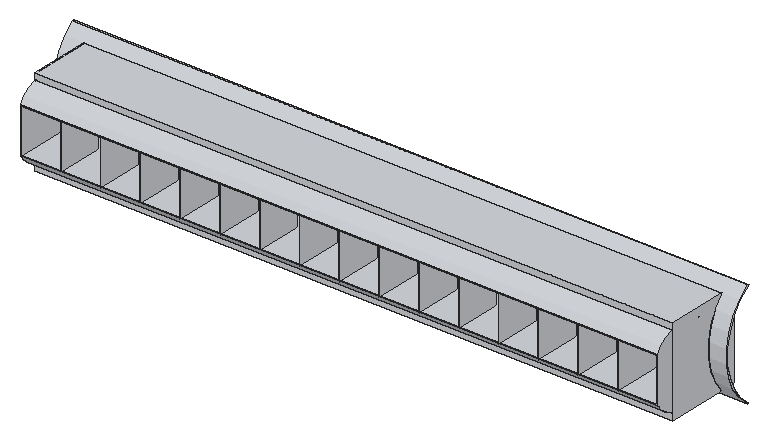
Revit family "ECOJET-06DIA-LENGTH", category Air Terminals, Revit 2018
Family settings
  Round Connector Dimension = Use Diameter
  Part Type = Normal
  Work Plane-Based = No
  Always vertical = Yes
  Cut with Voids When Loaded = No
  Shared = No
  Room Calculation Point = No
Parameters (values of type "ECOJET-48-06D")
  WIDOVER = 0' - 2 3/4"
  URL = "anemostat-hvac.com"
  RADIUS = 0' - 3"
  NORWID = NORMLENGTH - 0' 0 1/16"  # 3' - 11 15/16"
  NORMLENGTH = 4' - 0"
  NORHI = 0' - 6"
  Model = "ECOJET DRUM LOUVER"
  Manufacturer = "Anemostat-HVAC"
  HIOVER = 0' - 2"
  ECOJETBOX = ECBOX-06 : ECBOX-06
  DUCTWID = NORMLENGTH + 0' 1"  # 4' - 1"
  BOXWID = NORWID + WIDOVER  # 4' - 2 11/16"
  BOXHI = NORHI + 0' 1"  # 0' - 7"
  BLADE [instance] = (NORMLENGTH / ADIM) - 1  # 15
  ADIM = 0' - 3"
Types (8): name | NORWID | NORMLENGTH | DUCTWID | BOXWID | BLADE
  (no name) | 3' - 11 15/16" | 4' - 0" | 4' - 1" | 4' - 2 11/16" | 15
  ECOJET-18-06D | 1' - 5 15/16" | 1' - 6" | 1' - 7" | 1' - 8 11/16" | 5
  ECOJET-12-06D | 0' - 11 15/16" | 1' - 0" | 1' - 1" | 1' - 2 11/16" | 3
  ECOJET-09-06D | 0' - 8 15/16" | 0' - 9" | 0' - 10" | 0' - 11 11/16" | 2
  ECOJET-24-06D | 1' - 11 15/16" | 2' - 0" | 2' - 1" | 2' - 2 11/16" | 7
  ECOJET-36-06D | 2' - 11 15/16" | 3' - 0" | 3' - 1" | 3' - 2 11/16" | 11
  ECOJET-48-06D | 3' - 11 15/16" | 4' - 0" | 4' - 1" | 4' - 2 11/16" | 15
  ECOJET-60-06D | 4' - 11 15/16" | 5' - 0" | 5' - 1" | 5' - 2 11/16" | 19
Reference planes (in)
  plane 1 "Center (Front/Back)": y = 0
  plane 2: z = 0
  plane 3 "Center (Left/Right)": x = 0
  plane 4 "REAR": y = 3.5
  plane 5 "RIGHTSIDE": x = 23.96875
  plane 6 "FRONT": y = -3.5
  plane 7 "LEFTSIDE": x = -23.96875
  plane 8: z = 3
  plane 9: z = -3
  plane 10: y = 2.4625
  plane 11: y = -2.4625
  plane 12: z = 1.71875
  plane 13: z = -1.71875
  plane 14: z = 1.6875
  plane 15: x = 23.90625
  plane 16: z = -1.65625
  plane 17: x = -23.90625
  plane 18 "BLADE": x = -20.96875
  plane 19: y = 2.9625
Forms (in)
  Extrusion 1, solid
    sketch origin (23.96875, 0, 0) x (0, 1, 0) y (0, 0, -1)
      loop
        arc (-2.45884, -1.71875) -> (0.0032, -3) -> (2.4625, -1.7135) r 3
        line (2.4625, -1.7135) -> (2.4625, 1.7135)
        arc (2.4625, 1.7135) -> (0.0032, 3) -> (-2.45884, 1.71875) r 3
        line (-2.45884, 1.71875) -> (-2.45884, -1.71875)
    from 0 to 48 <- "NORMLENGTH"
  Extrusion 2, void
    sketch origin (0, -3.5, 0) x (1, 0, 0) y (0, 0, 1)
      loop
        line (-23.90625, 1.6875) -> (-23.90625, -1.65625) -> (23.90625, -1.65625) -> (23.90625, 1.6875) -> (-23.90625, 1.6875)
    from -13.70838 to 12
Cuts and joins
  Extrusion 2 cuts Extrusion 1
Dimensions and locks (in)
  equal spacing: plane 7 "LEFTSIDE", plane 3 "Center (Left/Right)", plane 5 "RIGHTSIDE"
  "NORWID": plane 7 "LEFTSIDE" to plane 5 "RIGHTSIDE"
  equal spacing: plane 4 "REAR", plane 1 "Center (Front/Back)", plane 6 "FRONT"
  "BOXHI": plane 4 "REAR" to plane 6 "FRONT"
  equal spacing: plane 8, level, plane 9
  "NORHI": plane 8 to plane 9
  equal spacing: plane 5 "RIGHTSIDE", plane 3 "Center (Left/Right)", plane 7 "LEFTSIDE"
  locked: plane 1 "Center (Front/Back)" to plane 10 at 2.4625
  locked: plane 13 to level at 1.71875
  plane 12 to level = 0' - 1 23/32"
  locked: plane 11 to plane 1 "Center (Front/Back)" at 2.4625
  locked: plane 15 to plane 5 "RIGHTSIDE" at 0.0625
  plane 12 to plane 14 = 0' - 0 1/32"
  locked: plane 16 to plane 13 at 0.0625
  locked: plane 7 "LEFTSIDE" to plane 17 at 0.0625
  "ADIM": plane 18 "BLADE" to plane 7 "LEFTSIDE"
  equal spacing: group 3, group 4, group 5, group 6, group 7  (x3)
  locked: plane 19 to plane 4 "REAR" at 0.5375
  equal spacing: group 1, group 10, group 11, group 12, group 13, group 14, group 15, group 16, group 17, group 18, group 19, group 20, group 21, group 22, group 23  (x3)
  "ADIM": nested 10 to plane 18 "BLADE"
  aligned and locked: plane 2 to level
  aligned and locked: Extrusion 2 sketch curve to plane 14
  aligned and locked: plane 17 to Extrusion 2 sketch curve
  aligned and locked: Extrusion 2 sketch curve to plane 16
  aligned and locked: Extrusion 2 sketch curve to plane 15
  aligned and locked: plane 18 "BLADE" to nested 1
  aligned and locked: nested 1 to plane 11
  aligned and locked: plane 3 "Center (Left/Right)" to nested 8
  aligned and locked: nested 8 to plane 1 "Center (Front/Back)"
Automatic sketch dimensions
  Extrusion 1 sketch curve to Extrusion 1 sketch curve = 0' - 0"  (x2)
  plane 11 to Extrusion 1 sketch curve = 0' - 0.00366"
  Extrusion 1 sketch curve to plane 12 = 0' - 0"
  plane 13 to Extrusion 1 sketch curve = 0' - 0"
  Extrusion 1 sketch curve to level = 0' - 0"
  Extrusion 1 sketch curve to plane 1 "Center (Front/Back)" = 0' - 0"
  Extrusion 1 sketch curve to plane 10 = 0' - 0"
Nested families (in)
  nested 1: "BLADE-06" at (-20.96875, -0.72812, -1.71875), type "BLADE-06"
  nested 2: "BLADE-06" at (-5.96875, -0.72812, -1.71875), type "BLADE-06", not visible
  nested 3: "BLADE-06" at (-5.96875, -0.72812, -1.71875), type "BLADE-06", not visible
  nested 4: "BLADE-06" at (-2.96875, -0.72812, -1.71875), type "BLADE-06", not visible
  nested 5: "BLADE-06" at (0.03125, -0.72812, -1.71875), type "BLADE-06", not visible
  nested 6: "BLADE-06" at (3.03125, -0.72812, -1.71875), type "BLADE-06", not visible
  nested 7: "BLADE-06" at (6.03125, -0.72812, -1.71875), type "BLADE-06", not visible
  nested 8: "ECBOX-06" at (0, 1.8125, 0), type <- "ECOJETBOX", type "ECBOX-06"
    with NORWID 3' - 11 15/16", MOUNTINGWID 4' - 2 13/16", BOXWID 4' - 2 11/16", BOXLENGTH 4' - 0 1/16"
  nested 9: "BLADE-06" at (9.03125, -0.72812, -1.71875), type "BLADE-06"
  nested 10: "BLADE-06" at (-17.96875, -0.72812, -1.71875), type "BLADE-06"
  nested 11: "BLADE-06" at (-14.96875, -0.72812, -1.71875), type "BLADE-06"
  nested 12: "BLADE-06" at (-11.96875, -0.72812, -1.71875), type "BLADE-06"
  nested 13: "BLADE-06" at (-8.96875, -0.72812, -1.71875), type "BLADE-06"
  nested 14: "BLADE-06" at (-5.96875, -0.72812, -1.71875), type "BLADE-06"
  nested 15: "BLADE-06" at (-2.96875, -0.72812, -1.71875), type "BLADE-06"
  nested 16: "BLADE-06" at (0.03125, -0.72812, -1.71875), type "BLADE-06"
  nested 17: "BLADE-06" at (3.03125, -0.72812, -1.71875), type "BLADE-06"
  nested 18: "BLADE-06" at (6.03125, -0.72812, -1.71875), type "BLADE-06"
  nested 19: "BLADE-06" at (9.03125, -0.72812, -1.71875), type "BLADE-06"
  nested 20: "BLADE-06" at (12.03125, -0.72812, -1.71875), type "BLADE-06"
  nested 21: "BLADE-06" at (15.03125, -0.72812, -1.71875), type "BLADE-06"
  nested 22: "BLADE-06" at (18.03125, -0.72812, -1.71875), type "BLADE-06"
  nested 23: "BLADE-06" at (21.03125, -0.72812, -1.71875), type "BLADE-06"
Connectors (in)
  hvac at (-0.03125, 2.4625, 0), driven by "BOXHI", driven by "NORMLENGTH"
    settings: on cut or joined group of Extrusion 1, Extrusion 2, index 1, duct flow 0 CFM, flow factor 0, pres drop 0.00 in-wg, loss coef 0, conn angle 0.00°, conn width 48", conn height 7", conn diameter 24", duct sys type 1, conn prof type 1, flow config 0, flow direction 2, loss method 0, conn ref index -1, conn util no, is conn primary yes, conn desc ""
Definition of nested family "BLADE-06"
  Parameters (values of type "BLADE-06")
    Width = 0' - 3 15/32"
    Thickness = 0' - 0 1/16"
    HEIGHT = 0' - 3 13/32"
  Reference planes (in)
    plane 1 "Center (Front/Back)": y = 0
    plane 2: z = 0
    plane 3 "Center (Left/Right)": x = 0
    plane 4: y = 1.73437
    plane 5: x = 0.03125
    plane 6: y = -1.73438
    plane 7: x = -0.03125
  Forms (in)
    Extrusion 1, solid
      sketch origin (0, 0, 0) x (1, 0, 0) y (0, 1, 0)
        loop
          line (-0.03125, 1.73437) -> (-0.03125, -1.73438) -> (0.03125, -1.73438) -> (0.03125, 1.73437) -> (-0.03125, 1.73437)
      from 0 to 3.40625 <- "HEIGHT"
  Dimensions and locks (in)
    equal spacing: plane 7, plane 3 "Center (Left/Right)", plane 5
    equal spacing: plane 4, plane 1 "Center (Front/Back)", plane 6
    "Width": plane 4 to plane 6
    "Thickness": plane 7 to plane 5
    aligned and locked: plane 2 to level
    aligned and locked: Extrusion 1 sketch curve to plane 4
    aligned and locked: plane 7 to Extrusion 1 sketch curve
    aligned and locked: Extrusion 1 sketch curve to plane 6
    aligned and locked: Extrusion 1 sketch curve to plane 5
Definition of nested family "ECBOX-06"
  Parameters (values of type "ECBOX-06")
    WIDOVER = 0' - 2 3/4"
    NORWID = 1' - 5 15/16"
    NORHI = 0' - 6"
    MOUNTRAD = 0' - 5"
    MOUNTINGWID = BOXLENGTH + 0' 2 3/4"  # 1' - 8 13/16"
    MOUNTINGHI = NORHI + HIOVER  # 0' - 8"
    LENGTHOVER = 0' - 0 1/16"
    IJCENTER = 0' - 2 5/16"
    HIOVER = 0' - 2"
    FLANGE = 0' - 0 1/2"
    DRUMCENTER = 0' - 1 1/16"
    CENTERDRUM = 1.06
    BOXWID = NORWID + WIDOVER  # 1' - 8 11/16"
    BOXLENGTH = NORWID + LENGTHOVER + 0' 0 1/16"  # 1' - 6 1/16"
    BOXHI = NORHI + 0' 0 5/8"  # 0' - 6 5/8"
    BOX = BDIM - LENGTHOVER  # 0' - 5 11/16"
    BDIM = 0' - 5 3/4"
  Reference planes (in)
    plane 1 "Center (Front/Back)": y = 0
    plane 2: z = 0
    plane 3 "Center (Left/Right)": x = 0
    plane 4: y = 2.875
    plane 5: x = 9.03125
    plane 6: y = -2.875
    plane 7: x = -9.03125
    plane 8: z = 3.3125
    plane 9: z = -3.3125
    plane 10: y = -1.8125
    plane 11: z = 4
    plane 12: z = -4
    plane 13: y = 1.875
    plane 14 "MTGRIGHT": x = 10.40625
    plane 15 "MTGLEFT": x = -10.40625
    plane 16: y = 2.4375
  Forms (in)
    Extrusion 1, solid
      sketch origin (-61.38008, 2.875, 48) x (-1, 0, 0) y (0, 0, -1)
        loop
          line (-52.34883, 44.6875) -> (-52.34883, 51.3125) -> (-70.41133, 51.3125) -> (-70.41133, 44.6875) -> (-52.34883, 44.6875)
      from 0 to 5.75 <- "BDIM"
    Extrusion 2, void
      sketch origin (-61.38008, 2.875, 48) x (-1, 0, 0) y (0, 0, -1)
        loop
          line (-70.34883, 44.75) -> (-52.41133, 44.75) -> (-52.41133, 51.25) -> (-70.34883, 51.25) -> (-70.34883, 44.75)
      from 0 to 5.6875 <- "BOX"
    Extrusion 3, void
      sketch origin (-61.38008, -2.875, 48) x (1, 0, 0) y (0, 0, -1)
        loop
          line (52.41133, 45.1875) -> (70.34883, 45.1875) -> (70.34883, 50.8125) -> (52.41133, 50.8125) -> (52.41133, 45.1875)
      from 0 to 5.6875 <- "BOX"
    Extrusion 4, solid
      sketch origin (-10.40625, 0, 0) x (0, 0, 1) y (0, -1, 0)
        loop
          arc (4, -2.4375) -> (0, -0.4375) -> (-4, -2.4375) r 5
          line (-4, -2.4375) -> (-4, -2.5)
          arc (-4, -2.5) -> (0, -0.47208) -> (4, -2.5) r 4.95888
          line (4, -2.5) -> (4, -2.4375)
      from 0 to 20.8125 <- "MOUNTINGWID"
    Extrusion 5, void
      sketch origin (-61.38008, 2.875, 48) x (-1, 0, 0) y (0, 0, -1)
        loop
          line (-70.34883, 44.75) -> (-52.41133, 44.75) -> (-52.41133, 51.25) -> (-70.34883, 51.25) -> (-70.34883, 44.75)
      from 0 to 5 <- "MOUNTRAD"
  Cuts and joins
    Extrusion 2, Extrusion 3, Extrusion 5 cuts Extrusion 1
    Extrusion 5 cuts Extrusion 4
    joined: Extrusion 1, Extrusion 4
  Dimensions and locks (in)
    equal spacing: plane 7, plane 3 "Center (Left/Right)", plane 5
    "BOXLENGTH": plane 7 to plane 5
    equal spacing: plane 4, plane 1 "Center (Front/Back)", plane 6
    "BDIM": plane 4 to plane 6
    equal spacing: plane 8, level, plane 9
    "BOXHI": plane 8 to plane 9
    equal spacing: plane 5, plane 3 "Center (Left/Right)", plane 7
    equal spacing: plane 6, plane 1 "Center (Front/Back)", plane 4
    plane 6 to plane 4 = 0' - 5 3/4"
    "DRUMCENTER": plane 6 to plane 10
    "LENGTHOVER": Extrusion 2 sketch curve to plane 7
    "LENGTHOVER": Extrusion 2 sketch curve to plane 8
    "LENGTHOVER": plane 9 to Extrusion 2 sketch curve
    "LENGTHOVER": plane 5 to Extrusion 2 sketch curve
    "LENGTHOVER": plane 5 to Extrusion 3 sketch curve
    "FLANGE": Extrusion 3 sketch curve to plane 9
    "LENGTHOVER": Extrusion 3 sketch curve to plane 7
    "FLANGE": plane 8 to Extrusion 3 sketch curve
    equal spacing: plane 11, level, plane 12
    "MOUNTINGHI": plane 11 to plane 12
    plane 13 to plane 4 = 0' - 1"
    equal spacing: plane 14 "MTGRIGHT", plane 3 "Center (Left/Right)", plane 15 "MTGLEFT"
    "MOUNTINGWID": plane 14 "MTGRIGHT" to plane 15 "MTGLEFT"
    locked: plane 16 to plane 4 at 0.4375
    plane 16 to Extrusion 4 sketch curve = 0' - 0 1/16"
    "MOUNTRAD": radius of Extrusion 4 sketch curve
    radius of Extrusion 4 sketch curve = 0' - 4.95888"
    aligned and locked: plane 2 to level
    aligned and locked: plane 8 to Extrusion 1 sketch curve
    aligned and locked: plane 7 to Extrusion 1 sketch curve
    aligned and locked: plane 9 to Extrusion 1 sketch curve
    aligned and locked: Extrusion 1 sketch curve to plane 5
    aligned and locked: Extrusion 5 sketch curve to cut or joined group of Extrusion 1, Extrusion 2, Extrusion 3, Extrusion 4, Extrusion 5  (x4)
  Automatic sketch dimensions
    Extrusion 4 sketch curve to plane 11 = 0' - 0"
    Extrusion 4 sketch curve to level = 0' - 0"  (x2)
    plane 12 to Extrusion 4 sketch curve = 0' - 0"
    Extrusion 4 sketch curve to plane 16 = 0' - 0"
